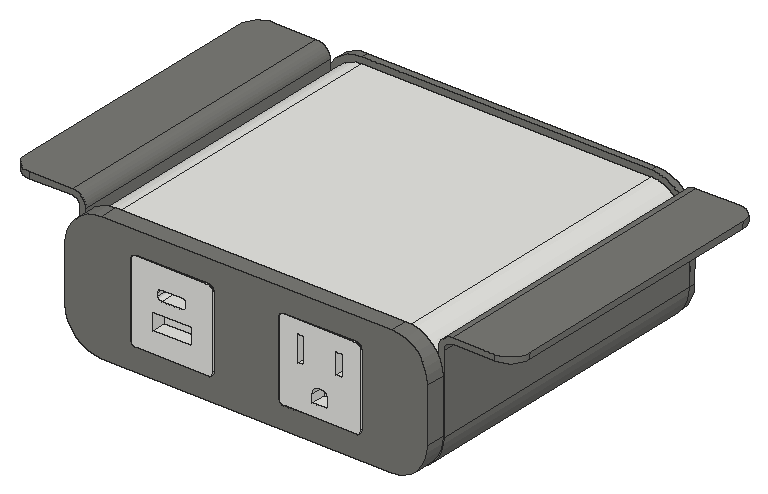
Revit family "Electrical-Teknion-MXPBP_Below_Power_Module-R2023", category Furniture, Revit 2023 (continued)
Definition of nested family "Power"
  Automatic sketch dimensions
    Sweep 1 sketch curve to Sweep 1 sketch curve = 0.1378"
    profile plane to Sweep 1 sketch curve = 0.000"
    profile plane to Sweep 1 sketch curve = 0.10236"
    Sweep 1 sketch curve to Sweep 1 sketch curve = 0.09843"
    Sweep 1 sketch curve to Sweep 1 sketch curve = 0.10236"
    curve 3 to plane 4 "Left" = 0.000"
    curve 5 to plane 6 "Back" = 0.000"
    plane 7 "Front" to curve 10 = 0.000"
    curve 3 to plane 5 "Right" = 0.000"
    plane 4 "Left" to curve 5 = 0.23819"
    curve 5 to curve 6 = 0.08661"
    curve 7 to plane 3 "Center Left/Right" = 0.10236"
    plane 3 "Center Left/Right" to curve 8 = 0.10236"
    curve 8 to curve 9 = 0.10433"
    curve 9 to curve 10 = 0.08661"
Definition of nested family "Teknion_2D_Node_Family-R2016"
  Reference planes (in)
    plane 1 "Center (Front/Back)": y = 0
    plane 2: z = 0
    plane 3 "Center (Left/Right)": x = 0
  Lines and regions (in)
    detail lines, in view "Ref. Level"
      curve 1: circle (0, 0, 0) r 1.25 normal (0, 0, 1)
      curve 2: line (1.91508, -1.91508, 0) -> (-1.91508, 1.91508, 0)
      curve 3: line (-1.91508, -1.91508, 0) -> (1.91508, 1.91508, 0)
Types (5): name | Receptacle Finish | Rear - Power | Rear - HDMI | RD - 1 Power/ 1 HDMI/ 1 HDMI (Rear) | RC - 2 Power/ 1 Power (Rear) | RB - 1 Power/ 1 USB - A+C (18W)/ 1 Power (Rear) | RA - 1 Power/ 1 USB - A+C (65W)/ 1 Power (Rear) | Model | Front - USB (65W) | Front - USB (18W) | Front - Power 2 | Front - Power 1 | Front - HDMI | Faceplate Finish | Description | Bracket Finish
  (no name) | Plastic - Teknion - 8D - Atrium White | yes | no | no | no | yes | no | "MXPBP_URB_" | no | yes | yes | no | no | Paint - Teknion - Mica - Anthracite | "Below Power Module, Standard Plug-In, Standard Undermount, 1 Power/ 1 USB - A+C (18W)/ 1 Power (Rear) Configuration" | Paint - Teknion - Mica - Anthracite
  1 Power/ 1 USB - A+C (65W)/ 1 Power (Rear) | Plastic - Teknion - YY - Ebony | yes | no | no | no | no | yes | "MXPBP_URA_" | yes | no | yes | no | no | Paint - Teknion - Accent - Blue Sage | "Below Power Module, Standard Plug-In, Standard Undermount, 1 Power/ 1 USB - A+C (65W)/ 1 Power (Rear) Configuration" | Paint - Teknion - Accent - Blue Sage
  1 Power/ 1 USB - A+C (18W)/ 1 Power (Rear) | Plastic - Teknion - 8D - Atrium White | yes | no | no | no | yes | no | "MXPBP_URB_" | no | yes | yes | no | no | Paint - Teknion - Mica - Anthracite | "Below Power Module, Standard Plug-In, Standard Undermount, 1 Power/ 1 USB - A+C (18W)/ 1 Power (Rear) Configuration" | Paint - Teknion - Mica - Anthracite
  2 Power/ 1 Power (Rear) | Plastic - Teknion - 8D - Atrium White | yes | no | no | yes | no | no | "MXPBP_URC_" | no | no | yes | yes | no | Paint - Teknion - Mica - Platinum | "Below Power Module, Standard Plug-In, Standard Undermount, 2 Power/ 1 Power (Rear) Configuration" | Paint - Teknion - Mica - Platinum
  1 Power/ 1 HDMI/ 1 HDMI (Rear) | Plastic - Teknion - YY - Ebony | no | yes | yes | no | no | no | "MXPBP_URD_" | no | no | no | yes | yes | Paint - Teknion - Foundation - Earth | "Below Power Module, Standard Plug-In, Standard Undermount, 1 Power/ 1 HDMI/ 1 HDMI (Rear) Configuration" | Paint - Teknion - Foundation - Earth
